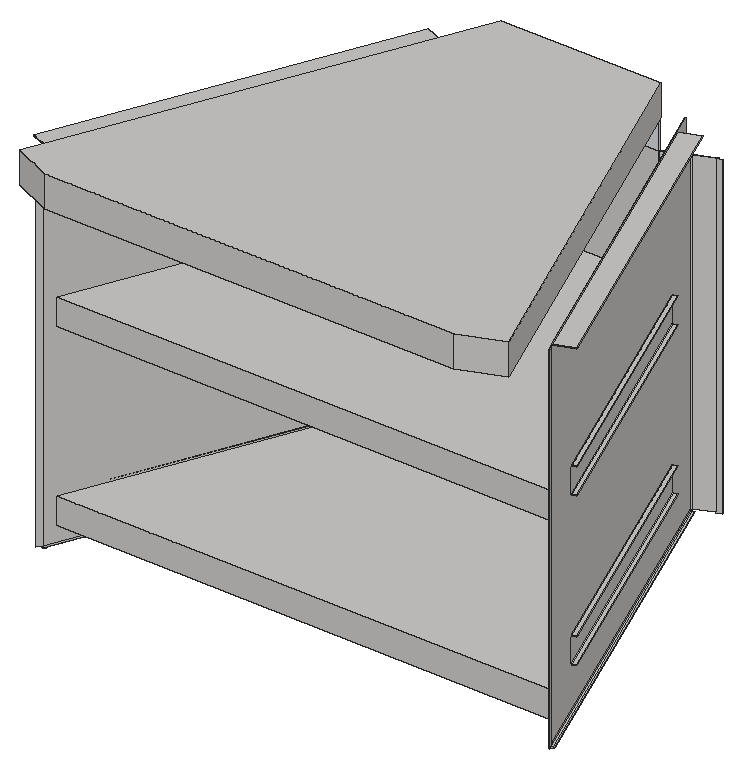
Revit family "QF_BOURGEAT_Self_meuble_angle45_ouvert_service", category Equipement spécialisé, Revit 2015
Parameters
  URL catalogue = "http://www.bourgeat.fr"
  URL = ""
  Type article = ""
  Spécification du Fabricant = "Meuble d'angle 45°"
  Profondeur hors tout = 580 mm
  Modèle = "854241"
  Longueur hors tout = 1464 mm
  Hauteur hors tout = 900 mm
  Fabricant = "BOURGEAT"
  Contact SAV = "0033(0)4.76.32.14.44"
Reference planes
  plane 1 "Centre (avant/arrière)": y = 0
  plane 2: z = 0
  plane 3 "Centre (gauche/droite)": x = 0
  plane 4: z = 662
  plane 5: z = 375
  plane 6: z = 35
  plane 7: y = -58
  plane 8: y = -5
  plane 9: x = -154
  plane 10: x = 154
  plane 11: y = -6
  plane 12: through (-154, -6, 1200) normal (-0.3827, -0.9239, 0)
  plane 13: through (-194.189, 10.647, 1200) normal (0.9239, -0.3827, 0)
  plane 14: through (-154, -6, 1200) normal (0.9239, -0.3827, 0)
  plane 15: through (-226.963, -42.345, 1200) normal (-0.3827, -0.9239, 0)
  plane 16: z = 610
Forms (mm)
  Extrusion 1, solid, material "Acier inoxydable, brossé"
    sketch origin (0, 0, 0) x (1, 0, 0) y (0, 1, 0)
      loop
        arc (-154.368, -5.848) -> (-153.992, -5.962) -> (-153.602, -6) r 2
        line (-153.602, -6) -> (153.602, -6)
        arc (153.602, -6) -> (153.992, -5.962) -> (154.368, -5.848) r 2
        line (154.368, -5.848) -> (193.265, 10.264)
        arc (193.265, 10.264) -> (194.03, 10.264) -> (194.571, 9.723) r 1
        line (194.571, 9.723) -> (217.724, -46.172) -> (218.648, -45.789) -> (195.495, 10.106)
        arc (195.495, 10.106) -> (194.413, 11.188) -> (192.882, 11.188) r 2
        line (192.882, 11.188) -> (154.169, -4.848)
        arc (154.169, -4.848) -> (153.793, -4.962) -> (153.403, -5) r 2
        line (153.403, -5) -> (-153.403, -5)
        arc (-153.403, -5) -> (-153.793, -4.962) -> (-154.169, -4.848) r 2
        line (-154.169, -4.848) -> (-192.882, 11.188)
        arc (-192.882, 11.188) -> (-194.413, 11.188) -> (-195.495, 10.106) r 2
        line (-195.495, 10.106) -> (-218.648, -45.789) -> (-217.724, -46.172) -> (-194.571, 9.723)
        arc (-194.571, 9.723) -> (-194.03, 10.264) -> (-193.265, 10.264) r 1
        line (-193.265, 10.264) -> (-154.368, -5.848)
    from 0 to 610
  Extrusion 2, solid
    sketch origin (0, 0, 0) x (0, 1, 0) y (0, 0, 1)
      loop
        line (-5, 662) -> (-7.005, 662) -> (-7.005, 610) -> (-5, 610) -> (-5, 662)
    from -154 to 154
Dimensions and locks
  angle plane 11 to plane 12 = 157.50°
  aligned and locked: plane 2 to level
  aligned and locked: nested 3 to plane 1 "Centre (avant/arrière)"
  aligned and locked: plane 7 to nested 1
  aligned and locked: plane 7 to nested 2
  aligned and locked: nested 3 to plane 4
  aligned and locked: nested 2 to plane 5
  aligned and locked: nested 1 to plane 6
  aligned and locked: plane 3 "Centre (gauche/droite)" to nested 3
  aligned and locked: plane 3 "Centre (gauche/droite)" to nested 1
  aligned and locked: plane 3 "Centre (gauche/droite)" to nested 2
  aligned and locked: Extrusion 1 sketch curve to plane 12
  aligned and locked: Extrusion 1 sketch curve to plane 13
  aligned and locked: Extrusion 1 sketch curve to plane 15
  aligned and locked: plane 16 to Extrusion 1
  aligned and locked: plane 4 to Extrusion 2 sketch curve
  aligned and locked: plane 8 to Extrusion 2 sketch curve
  aligned and locked: Extrusion 2 sketch curve to Extrusion 1
  aligned and locked: Extrusion 2 to plane 9
  aligned and locked: nested 4 to Extrusion 1
Nested families
  nested 1: "etagere_meuble45_ouvert" at (0, -658, 35), type "etagere_meuble45_ouvert"
  nested 2: "etagere_meuble45_ouvert" at (0, -658, 375), type "etagere_meuble45_ouvert"
  nested 3: "dessus_meuble45_ouvert" at (0, -788, 662), type "dessus_meuble45_ouvert"
  nested 4: "Famille3" at (340.474, -331.951, 0) x (-0.3827, 0.9239, 0) z (0, 0, 1), type "Famille3"
  nested 5: "Famille3" at (-340.474, -331.951, 0) x (0.3827, 0.9239, 0) z (0, 0, 1), type "Famille3"
Definition of nested family "etagere_meuble45_ouvert"
  Reference planes
    plane 1 "Centre (avant/arrière)": y = 0
    plane 2: z = 0
    plane 3 "Centre (gauche/droite)": x = 0
    plane 4: y = 600
    plane 5: x = 392
    plane 6: x = -392
    plane 7: x = 466
    plane 8: x = -466
    plane 9: x = 227
    plane 10: x = -227
    plane 11: z = 50
    plane 12: through (-227, 600, 1200) normal (0.9239, -0.3827, 0)
    plane 13: through (227, 600, 1200) normal (0.9239, 0.3827, 0)
    plane 14: through (-227, 600, 1200) normal (0.9239, -0.3827, 0)
  Forms (mm)
    Extrusion 1, solid
      sketch origin (0, 0, 0) x (1, 0, 0) y (0, 1, 0)
        loop
          line (-475.528, 0) -> (475.528, 0) -> (227, 600) -> (-227, 600) -> (-475.528, 0)
      from 0 to 50
  Dimensions and locks
    plane 6 to plane 5 = 784 mm
    equal spacing: plane 6, plane 3 "Centre (gauche/droite)", plane 5
    plane 8 to plane 7 = 932 mm
    equal spacing: plane 8, plane 3 "Centre (gauche/droite)", plane 7
    equal spacing: plane 10, plane 3 "Centre (gauche/droite)", plane 9, locked at 227 each
    plane 4 to plane 1 "Centre (avant/arrière)" = 600 mm
    plane 11 to plane 2 = 50 mm
    aligned and locked: level to plane 2
    aligned and locked: Extrusion 1 sketch curve to plane 4
    aligned and locked: plane 11 to Extrusion 1
    aligned and locked: plane 12 to Extrusion 1 sketch curve
    aligned and locked: Extrusion 1 sketch curve to plane 13
  Automatic sketch dimensions
    plane 1 "Centre (avant/arrière)" to Extrusion 1 sketch curve = 0 mm
Definition of nested family "dessus_meuble45_ouvert"
  Reference planes
    plane 1 "Centre (avant/arrière)": y = 0
    plane 2: z = 0
    plane 3 "Centre (gauche/droite)": x = 0
    plane 4: y = 788
    plane 5: x = 392
    plane 6: x = -392
    plane 7: x = 466
    plane 8: x = -466
    plane 9: y = 32.8
    plane 10: x = 152
    plane 11: x = -152
    plane 12: z = 60
  Forms (mm)
    Extrusion 1, solid
      sketch origin (0, 0, 0) x (1, 0, 0) y (0, 1, 0)
        loop
          line (-392, 0) -> (387.113, 0) -> (466, 32.8) -> (152, 788) -> (-152, 788) -> (-466, 32.8) -> (-392, 0)
      from 0 to 60
  Dimensions and locks
    plane 6 to plane 5 = 784 mm
    equal spacing: plane 6, plane 3 "Centre (gauche/droite)", plane 5
    plane 8 to plane 7 = 932 mm
    equal spacing: plane 8, plane 3 "Centre (gauche/droite)", plane 7
    equal spacing: plane 11, plane 3 "Centre (gauche/droite)", plane 10
    locked: plane 11 to plane 10 at 304
    plane 4 to plane 1 "Centre (avant/arrière)" = 788 mm
    plane 12 to plane 2 = 60 mm
    aligned and locked: level to plane 2
    aligned and locked: plane 6 to Extrusion 1 sketch curve
    aligned and locked: plane 9 to Extrusion 1 sketch curve
    aligned and locked: Extrusion 1 sketch curve to plane 4
    aligned and locked: plane 7 to Extrusion 1 sketch curve
    aligned and locked: plane 1 "Centre (avant/arrière)" to Extrusion 1 sketch curve
    aligned and locked: plane 12 to Extrusion 1
  Automatic sketch dimensions
    Extrusion 1 sketch curve to plane 8 = 0 mm
    Extrusion 1 sketch curve to plane 11 = 0 mm
    Extrusion 1 sketch curve to plane 10 = 0 mm
    Extrusion 1 sketch curve to plane 9 = 0 mm
Definition of nested family "Famille3"
  Reference planes
    plane 1 "Centre (avant/arrière)": y = 0
    plane 2: z = 0
    plane 3 "Centre (gauche/droite)": x = 0
    plane 4: x = -373.5
    plane 5: x = 373.5
    plane 6: x = 372.5
    plane 7: y = -1
    plane 8: y = -40
    plane 9: through (372.5, -40, 1200) normal (0.9659, -0.2588, 0)
    plane 10: through (373.5, -40, 1200) normal (0.9659, -0.2588, 0)
    plane 11: through (369.461, -51.341, 1200) normal (0.2588, 0.9659, 0)
    plane 12: through (-373.5, 0, 1200) normal (0.0872, -0.9962, 0)
    plane 13: through (-373.5, -1, 1200) normal (0.0872, -0.9962, 0)
    plane 14: through (-385.454, -1.046, 1200) normal (0.9962, 0.0872, 0)
    plane 15: through (-373.5, 0, 1200) normal (0.9962, 0.0872, 0)
    plane 16: z = 686
    plane 17: x = 347.5
    plane 18: z = 611
    plane 19: z = 685
    plane 20: x = -368.5
    plane 21: x = 302.5
    plane 22: z = 5
    plane 23: z = 1
    plane 24: y = -7
    plane 25: y = -47.591
    plane 26: z = 16.8
    plane 27: z = 136
    plane 28: z = 426
    plane 29: x = 270
    plane 30: x = -270
  Forms (mm)
    Extrusion 1, solid
      sketch origin (0, 0, 0) x (1, 0, 0) y (0, 1, 0)
        loop
          line (-385.368, -2.038) -> (-373.5, -1) -> (370.5, -1)
          arc (370.5, -1) -> (371.914, -1.586) -> (372.5, -3) r 2
          line (372.5, -3) -> (372.5, -39.605)
          arc (372.5, -39.605) -> (372.474, -39.997) -> (372.398, -40.381) r 3
          line (372.398, -40.381) -> (369.461, -51.341) -> (370.394, -51.591) -> (373.398, -40.381)
          arc (373.398, -40.381) -> (373.474, -39.997) -> (373.5, -39.605) r 3
          line (373.5, -39.605) -> (373.5, -2)
          arc (373.5, -2) -> (372.914, -0.586) -> (371.5, 0) r 2
          line (371.5, 0) -> (-373.5, 0) -> (-385.454, -1.046) -> (-385.368, -2.038)
      from 5 to 686
    Extrusion 2, void
      sketch origin (0, 0, 0) x (1, 0, 0) y (0, 0, 1)
        loop
          line (347.5, 611) -> (387.5, 611) -> (387.5, 696) -> (347.5, 696) -> (347.5, 611)
      from 0 to 250
    Extrusion 3, solid
      sketch origin (0, 0, 0) x (0, 1, 0) y (0, 0, 1)
        loop
          line (-40, 686) -> (-40, 685) -> (0, 685) -> (0, 686) -> (-40, 686)
      from -368.5 to 302.5
    Extrusion 4, solid
      sketch origin (0, 0, 0) x (0, 1, 0) y (0, 0, 1)
        loop
          line (0, 5) -> (-1, 5) -> (-1, 3)
          arc (-1, 3) -> (-1.586, 1.586) -> (-3, 1) r 2
          line (-3, 1) -> (-7, 1) -> (-7, 0) -> (-2, 0)
          arc (-2, 0) -> (-0.586, 0.586) -> (0, 2) r 2
          line (0, 2) -> (0, 5)
      from -373.5 to 373.5
    Extrusion 5, solid
      sketch origin (0, -123.941, -57.378) x (0, 1, 0) y (0, 0, 1)
        loop
          line (112.941, 483.378) -> (112.941, 482.378) -> (120.941, 482.378)
          arc (120.941, 482.378) -> (121.648, 482.085) -> (121.941, 481.378) r 1
          line (121.941, 481.378) -> (121.941, 435.378)
          arc (121.941, 435.378) -> (121.648, 434.671) -> (120.941, 434.378) r 1
          line (120.941, 434.378) -> (112.941, 434.378) -> (112.941, 433.378) -> (120.941, 433.378)
          arc (120.941, 433.378) -> (122.355, 433.964) -> (122.941, 435.378) r 2
          line (122.941, 435.378) -> (122.941, 481.378)
          arc (122.941, 481.378) -> (122.355, 482.792) -> (120.941, 483.378) r 2
          line (120.941, 483.378) -> (112.941, 483.378)
        loop
          line (112.941, 193.378) -> (112.941, 192.378) -> (120.941, 192.378)
          arc (120.941, 192.378) -> (121.648, 192.085) -> (121.941, 191.378) r 1
          line (121.941, 191.378) -> (121.941, 145.378)
          arc (121.941, 145.378) -> (121.648, 144.671) -> (120.941, 144.378) r 1
          line (120.941, 144.378) -> (112.941, 144.378) -> (112.941, 143.378) -> (120.941, 143.378)
          arc (120.941, 143.378) -> (122.355, 143.964) -> (122.941, 145.378) r 2
          line (122.941, 145.378) -> (122.941, 191.378)
          arc (122.941, 191.378) -> (122.355, 192.792) -> (120.941, 193.378) r 2
          line (120.941, 193.378) -> (112.941, 193.378)
      from -270 to 270
  Cuts and joins
    Extrusion 2 cuts Extrusion 1
  Dimensions and locks
    plane 15 to plane 14 = 12 mm
    plane 16 to plane 2 = 686 mm
    aligned and locked: level to plane 2
    aligned and locked: Extrusion 1 sketch curve to plane 14
    aligned and locked: Extrusion 1 sketch curve to plane 12
    aligned and locked: plane 1 "Centre (avant/arrière)" to Extrusion 1 sketch curve
    aligned and locked: Extrusion 1 sketch curve to plane 5
    aligned and locked: Extrusion 1 sketch curve to plane 10
    aligned and locked: Extrusion 1 sketch curve to plane 11
    aligned and locked: Extrusion 1 sketch curve to plane 9
    aligned and locked: plane 6 to Extrusion 1 sketch curve
    aligned and locked: plane 7 to Extrusion 1 sketch curve
    aligned and locked: Extrusion 1 sketch curve to plane 13
    aligned and locked: plane 16 to Extrusion 1
    aligned and locked: Extrusion 2 sketch curve to plane 18
    aligned and locked: plane 17 to Extrusion 2 sketch curve
    aligned and locked: Extrusion 3 sketch curve to plane 16
    aligned and locked: plane 8 to Extrusion 3 sketch curve
    aligned and locked: Extrusion 3 sketch curve to plane 19
    aligned and locked: plane 1 "Centre (avant/arrière)" to Extrusion 3 sketch curve
    aligned and locked: Extrusion 3 to plane 20
    aligned and locked: Extrusion 3 to plane 21
    aligned and locked: cut or joined group of Extrusion 1, Extrusion 2 to Extrusion 4 sketch curve  (x2)
    aligned and locked: Extrusion 4 sketch curve to cut or joined group of Extrusion 1, Extrusion 2  (x2)
    aligned and locked: plane 2 to Extrusion 4 sketch curve
    aligned and locked: plane 24 to Extrusion 4 sketch curve
    aligned and locked: plane 7 to Extrusion 4 sketch curve
    aligned and locked: plane 1 "Centre (avant/arrière)" to Extrusion 4 sketch curve
    aligned and locked: plane 5 to Extrusion 4
    aligned and locked: plane 4 to Extrusion 4
    aligned and locked: plane 30 to Extrusion 5
    aligned and locked: plane 29 to Extrusion 5
